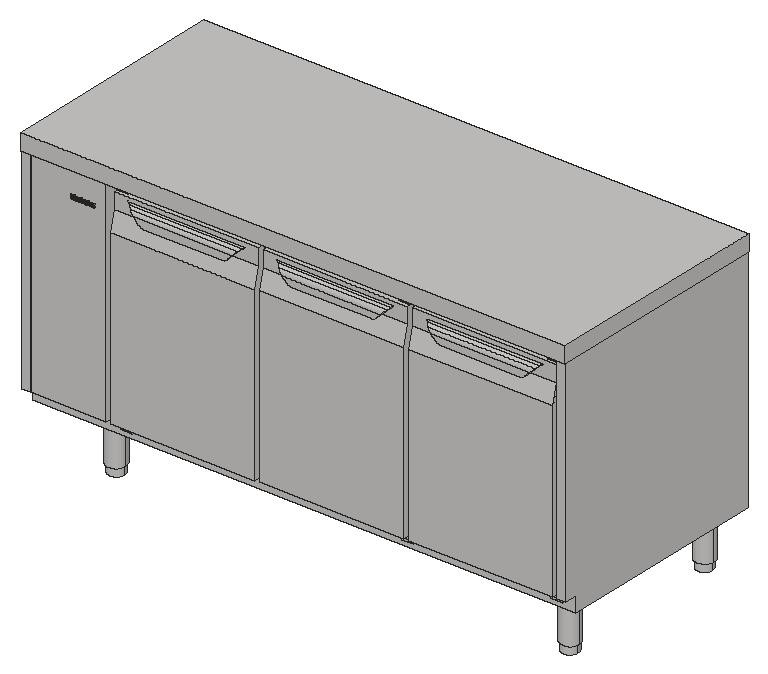
Revit family "QF_ELECTROLUXPROFESSIONAL_710298_EH3MRAAA", category Specialty Equipment, Revit 2018
Family settings
  Round Connector Dimension = Use Diameter
  Part Type = Normal
  Work Plane-Based = No
  Always vertical = Yes
  Cut with Voids When Loaded = No
  Shared = No
  Room Calculation Point = No
Parameters
  Weight = 0.00 kg
  Watts = 0 W
  Volts = 220 V
  URL Manufacturer = "http://professional.electrolux.com/"
  URL = "http://professional.electrolux.com/"
  Steam Supply Size = 0 mm
  Steam Supply Minimum Pressure = 0.0 Pa
  Steam Supply Maximum Pressure = 0.0 Pa
  Steam Pounds per Hour = 0
  Show Logo [instance] = yes
  Show Clearance [instance] = yes
  Refrigeration Suction Line Size = 0 mm
  Refrigeration Liquid Line Size = 0 mm
  Refrigerant Compressor Remote = yes
  Manufacturer = "Electrolux"
  Phase = 1
  Model = "EH3FRAAA"
  Length Actual = 1661 mm  # constant formula
  Item Number = "710101"
  Hot Water Size = 0 mm
  Height Actual = 900 mm  # constant formula
  HP = "0.1 HP"
  Gas Size = 0 mm
  Gas KW = 0
  Gas Input Pressure = 0 W
  Direct Waste Size = 0 mm
  Description = "FREEZER COUNTER 440 LT,3 DOORS,REMOTE"
  Depth Actual = 700 mm  # constant formula
  Cycle = 0 Hz
  Condensate Return Size = 0 mm
  Compressed Air Volume = 0.0 L/s
  Compressed Air Size = 0 mm
  Compressed Air Pressure = 0.0 Pa
  Cold Water Size = 0 mm
  Accessory = yes
Reference planes
  plane 1 "Center X": y = 182.5
  plane 2: z = 0
  plane 3 "Center Y": x = 169.5
  plane 4: y = -62.5
  plane 5: y = 451.5
  plane 6 "BACK": y = 532.5
  plane 7 "FRONT": y = -167.5
  plane 8: x = -452
  plane 9: x = 932
  plane 10: z = 150
  plane 11 "TOP": z = 900
  plane 12: z = 850
  plane 13: x = -659
  plane 14: x = 998
  plane 15 "LEFT": x = -661
  plane 16 "RIGHT": x = 1000
Forms (mm)
  Extrusion 1, solid, material "QF_Finishes_Stainless Steel"
    sketch origin (169.5, 2, 0) x (0, 1, 0) y (0, 0, 1)
      loop
        line (530.5, 150) -> (530.5, 850) -> (-124.5, 850) -> (-124.5, 150) -> (530.5, 150)
    from -828.5 to 828.5
  Extrusion 2, solid, material "QF_Finishes_Stainless Steel"
    sketch origin (-1022.223, -1524, 150) x (-1, 0, 0) y (0, -1, 0)
      loop
        line (-363.223, -1361.5) -> (-388.223, -1361.5) -> (-388.223, -1401.5) -> (-363.223, -1401.5) -> (-363.223, -1361.5)
      loop
        line (-2020.223, -1401.5) -> (-1995.223, -1401.5) -> (-1995.223, -1361.5) -> (-2020.223, -1361.5) -> (-2020.223, -1401.5)
    from 47 to 700
  Extrusion 3, solid, material "QF_Finishes_Stainless Steel"
    sketch origin (0, 0, 900) x (-1, 0, 0) y (0, -1, 0)
      loop
        circle (-284, -94.5) r 8.45
    from -790.577 to -750
  Extrusion 4, solid, material "QF_Finishes_Stainless Steel"
    sketch origin (0, 0, 0) x (1, 0, 0) y (0, 1, 0)
      loop
        circle (-594, 207.5) r 8.45
    from 127.77 to 150
  Extrusion 5, solid, material "QF_Finishes_Stainless Steel"
    sketch origin (0, 0, 0) x (1, 0, 0) y (0, 1, 0)
      loop
        circle (-578, 162.5) r 4.75
    from 347 to 367
  Extrusion 6, solid, material "QF_Finishes_Stainless Steel"
    sketch origin (0, 0, 0) x (1, 0, 0) y (0, 1, 0)
      loop
        circle (-531, 4.5) r 4
    from 709 to 729
  Extrusion 7, solid, material "QF_Finishes_Stainless Steel"
    sketch origin (0, 0, 0) x (1, 0, 0) y (0, 1, 0)
      loop
        circle (-553, 159.5) r 4
    from 397 to 417
  Extrusion 8, solid, material "QF_Finishes_Stainless Steel"
    sketch origin (169.5, 0, 0) x (0, 1, 0) y (0, 0, 1)
      loop
        line (-167.5, 900) -> (-167.5, 850) -> (532.5, 850) -> (532.5, 900) -> (-167.5, 900)
    from -830.5 to 830.5
Cuts and joins
  joined: Extrusion 1, Extrusion 2
Lines and regions (mm)
  symbolic lines, style "SpecialityEquipmentHiddenLines"
    curve 1: line (-661, -122.5, 900) -> (1000, -122.5, 900)
    curve 2: line (-396, -167.5, 900) -> (-396, -122.5, 900)
  symbolic lines, style "SpecialityEquipment"
    curve 3: line (-661, 532.5, 900) -> (1000, 532.5, 900)
    curve 4: line (-661, 532.5, 900) -> (-661, -167.5, 900)
    curve 5: line (-661, -167.5, 900) -> (1000, -167.5, 900)
    curve 6: line (1000, -167.5, 900) -> (1000, 532.5, 900)
Dimensions and locks
  locked: plane 6 "BACK" to plane 7 "FRONT" at 700
  equal spacing: plane 6 "BACK", plane 1 "Center X", plane 7 "FRONT"
  locked: plane 6 "BACK" to plane 5 at 81
  plane 10 to level = 150 mm
  plane 11 "TOP" to plane 12 to plane 10 = 50 mm locked, 700 mm locked
  locked: Extrusion 2 sketch curve to Extrusion 2 sketch curve at 25  (x2)
  locked: plane 4 to plane 7 "FRONT" at 105
  locked: plane 6 "BACK" to Extrusion 3 sketch curve at 438
  equal spacing: plane 13, plane 3 "Center Y", plane 14
  plane 15 "LEFT" to plane 16 "RIGHT" = 1661 mm
  locked: plane 13 to plane 8 at 207
  locked: plane 9 to plane 14 at 66
  locked: Extrusion 3 sketch curve to plane 14 at 714
  plane 6 "BACK" to Extrusion 4 sketch curve = 325 mm
  locked: plane 13 to Extrusion 4 sketch curve at 65
  locked: plane 13 to Extrusion 7 sketch curve at 106
  locked: plane 6 "BACK" to Extrusion 7 sketch curve at 373
  locked: plane 6 "BACK" to Extrusion 5 sketch curve at 370
  locked: plane 13 to Extrusion 5 sketch curve at 81
  plane 13 to Extrusion 6 sketch curve = 128 mm
  plane 6 "BACK" to Extrusion 6 sketch curve = 528 mm
  locked: plane 10 to Extrusion 4 at 22.23
  cut or joined group of Extrusion 1, Extrusion 2 to Extrusion 5 to Extrusion 5 to Extrusion 7 to Extrusion 7 to Extrusion 6 to Extrusion 6 = 197 mm locked, 20 mm locked, 30 mm locked, 20 mm locked, 292 mm locked, 20 mm locked
  aligned and locked: level to plane 2
  aligned and locked: plane 10 to Extrusion 3
  aligned and locked: nested 4 to plane 4
  aligned and locked: nested 1 to plane 4
  aligned and locked: nested 3 to plane 5
  aligned and locked: nested 2 to plane 5
  aligned and locked: plane 8 to nested 1
  aligned and locked: plane 8 to nested 2
  aligned and locked: plane 9 to nested 4
  aligned and locked: plane 9 to nested 3
  aligned and locked: Extrusion 1 to Extrusion 2
  aligned and locked: Extrusion 2 to Extrusion 1
  aligned and locked: Extrusion 2 sketch curve to plane 14
  aligned and locked: plane 13 to Extrusion 2 sketch curve
  aligned and locked: plane 12 to nested 5
  aligned and locked: nested 7 to plane 12
  aligned and locked: cut or joined group of Extrusion 1, Extrusion 2 to plane 10
  aligned and locked: plane 12 to cut or joined group of Extrusion 1, Extrusion 2
  aligned and locked: plane 10 to Extrusion 4
  aligned and locked: plane 16 "RIGHT" to curve 6
  aligned and locked: Extrusion 8 sketch curve to plane 11 "TOP"
  aligned and locked: plane 7 "FRONT" to Extrusion 8 sketch curve
  aligned and locked: Extrusion 8 sketch curve to cut or joined group of Extrusion 1, Extrusion 2  (x2)
  aligned and locked: Extrusion 8 to curve 3
  aligned and locked: plane 16 "RIGHT" to Extrusion 8
Automatic sketch dimensions
  Extrusion 1 sketch curve to plane 10 = 0 mm
  Extrusion 1 sketch curve to plane 12 = 0 mm
  Extrusion 1 sketch curve to plane 6 "BACK" = 0 mm
  plane 7 "FRONT" to Extrusion 1 sketch curve = 45 mm
  plane 7 "FRONT" to Extrusion 2 sketch curve = 45 mm  (x2)
  plane 7 "FRONT" to Extrusion 2 sketch curve = 5 mm  (x2)
  curve 6 to plane 6 "BACK" = 0 mm
  curve 2 to plane 7 "FRONT" = 0 mm
  plane 8 to curve 2 = 56 mm
  curve 1 to curve 4 = 45 mm
  radius of Extrusion 3 sketch curve = 8.45 mm
  radius of Extrusion 4 sketch curve = 8.45 mm
  radius of Extrusion 5 sketch curve = 4.75 mm
  radius of Extrusion 6 sketch curve = 4 mm
  radius of Extrusion 7 sketch curve = 4 mm
Nested families
  nested 1: "Foot_Ø50_H150" at (-452, -62.5, 0), type "Foot_Ø50_H150"
  nested 2: "Foot_Ø50_H150" at (-452, 451.5, 0), type "Foot_Ø50_H150"
  nested 3: "Foot_Ø50_H150" at (932, 451.5, 0), type "Foot_Ø50_H150"
  nested 4: "Foot_Ø50_H150" at (932, -62.5, 0), type "Foot_Ø50_H150"
  nested 5: "ELX_Cooling Unit_Remote" at (-518.5, -164.5, 0), Show Logo <- "Show Logo", type "ELX_Cooling Unit_Remote"
  nested 6: "ELX_Door" at (285, -164.5, 0), Show Clearance <- "Show Clearance", type "ELX_Door"
  nested 7: "ELX_Door" at (-169, -164.5, 0) x (-1, 0, 0) z (0, 0, 1), Show Clearance <- "Show Clearance", type "ELX_Door"
  nested 8: "Freezer" at (998, -167.5, 900), type "Freezer"
  nested 9: "ELX_Door" at (739, -164.5, 0), Show Clearance <- "Show Clearance", type "ELX_Door"
Connectors
  piping at (-594, 207.5, 127.77), diameter 17
    settings: on Extrusion 4, index 1, connector inside diameter 609.6 mm, connector length 0 mm, flow factor 0, pipe flow 0.0 L/s, pressure drop 0.0 Pa, fitting loss kfactor 0, connector angle 0.00°, fixture units 0, engagement length 0 mm, angle of deflection 0.00°, flow configuration 1, flow direction 2, fitting loss method 0, system type 16, joint type 0, gender type 0, connector reference index -1, connector utility 0, adjustable connector no, is connector primary yes, connector description "Drain"
  piping at (-578, 162.5, 347), diameter 2895.6
    settings: on Extrusion 5, index 2, connector inside diameter 609.6 mm, connector length 0 mm, flow factor 0, pipe flow 0.0 L/s, pressure drop 0.0 Pa, fitting loss kfactor 0, connector angle 0.00°, fixture units 0, engagement length 0 mm, angle of deflection 0.00°, flow configuration 1, flow direction 2, fitting loss method 0, system type 8, joint type 0, gender type 0, connector reference index -1, connector utility 0, adjustable connector no, is connector primary no, connector description "Refrigerant Outlet"
  piping at (-553, 159.5, 397), diameter 2438.4
    settings: on Extrusion 7, index 3, connector inside diameter 609.6 mm, connector length 0 mm, flow factor 0, pipe flow 0.0 L/s, pressure drop 0.0 Pa, fitting loss kfactor 0, connector angle 0.00°, fixture units 0, engagement length 0 mm, angle of deflection 0.00°, flow configuration 1, flow direction 1, fitting loss method 0, system type 7, joint type 0, gender type 0, connector reference index -1, connector utility 0, adjustable connector no, is connector primary no, connector description "Refrigerant Inlet"
  electrical at (-531, 4.5, 709)
    settings: on Extrusion 6, index 4, voltage 0 V, apparent load 0 VA, apparent load phase1 0 VA, apparent load phase2 0 VA, apparent load phase3 0 VA, power factor 1, load classification "Altro", number of poles 1, system type 30, power factor state 1, is connector primary yes, connector utility no, sub classification motor no, connector description "Electrical Connection"
  piping at (284, 94.5, 109.423), diameter 17
    settings: on Extrusion 3, index 5, connector inside diameter 609.6 mm, connector length 0 mm, flow factor 0, pipe flow 0.0 L/s, pressure drop 0.0 Pa, fitting loss kfactor 0, connector angle 0.00°, fixture units 0, engagement length 0 mm, angle of deflection 0.00°, flow configuration 1, flow direction 2, fitting loss method 0, system type 16, joint type 0, gender type 0, connector reference index -1, connector utility 0, adjustable connector no, is connector primary no, connector description "Drain"
Definition of nested family "Foot_Ø50_H150"
  Reference planes
    plane 1 "Centro (Fronte/Retro)": y = 0
    plane 2: z = 0
    plane 3 "Centro (Sinistra/Destra)": x = 0
    plane 4: z = 150
  Forms (mm)
    Revolve 1, solid
      sketch origin (255.05, 0, 608.09) x (0, 0, 1) y (-1, 0, 0)
        loop
          line (-608.09, 255.05) -> (-608.09, 230.05) -> (-583.09, 230.05) -> (-583.09, 226.05) -> (-458.09, 226.05) -> (-458.09, 255.05) -> (-608.09, 255.05)
        axis (-608.09, 255.05) -> (-458.09, 255.05)
      angle from 0 to 360
  Dimensions and locks
    locked: Revolve 1 sketch curve to Revolve 1 sketch curve at 125
    aligned and locked: level to plane 2
    aligned and locked: plane 4 to Revolve 1 sketch curve
    aligned and locked: Revolve 1 sketch curve to level
    aligned and locked: plane 3 "Centro (Sinistra/Destra)" to Revolve 1 sketch curve
Definition of nested family "ELX_Cooling Unit_Remote"
  Parameters
    Show Logo [instance] = yes
  Reference planes
    plane 1 "FRONT": y = -3
    plane 2: z = 0
    plane 3 "Centro (Sinistra/Destra)": x = 0
    plane 4: z = 150
    plane 5: z = 850
    plane 6: x = -115.5
    plane 7: x = 115.5
  Forms (mm)
    Extrusion 1, solid
      sketch origin (0, 55, 511) x (0, 0, 1) y (0, -1, 0)
        loop
          line (-314, 53) -> (-314, 13) -> (339, 13) -> (339, 53) -> (-314, 53)
      from -115.5 to 115.5
  Lines and regions (mm)
    Split face 1
      outline origin (0, 2, 197) x (0, 0, 1) y (-1, 0, 0)
        loop
          line (622.361, 88.738) -> (620.361, 90.738) -> (551.361, 90.738) -> (549.361, 88.738) -> (549.361, -88.738) -> (551.361, -90.738) -> (620.361, -90.738) -> (622.361, -88.738) -> (622.361, 88.738)
    Split face 2
      outline origin (0, 2, 197) x (0, 0, 1) y (-1, 0, 0)
        loop
          line (601.861, 71.967) -> (561.861, 71.967) -> (561.861, 6.967) -> (601.861, 6.967) -> (601.861, 71.967)
    Split face 3
      outline origin (0, 2, 197) x (0, 0, 1) y (-1, 0, 0)
        loop
          line (611.961, -90.738) -> (611.961, -8.712) -> (617.061, 0.121) -> (617.061, 90.738)
  Dimensions and locks
    aligned and locked: level to plane 2
  Nested families
    nested 1: "ELX_Logo_S_New" at (45.369, 2, 777.661) x (1, 0, 0) z (0, -1, 0), type "ELX_Logo_S_New"
  Definition of nested family "ELX_Logo_S_New"
    Parameters
      Default Elevation = 0 mm
    Reference planes
      plane 1 "Centro (Fronte/Retro)": y = 0
      plane 2: z = 0
      plane 3 "Centro (Sinistra/Destra)": x = 0
    Forms (mm)
      Extrusion 1, solid
        sketch origin (0, 0, 0) x (1, 0, 0) y (0, 1, 0)
          loop
            line (-1219.2, 1219.2) -> (-1219.2, -1219.2) -> (1219.2, -1219.2) -> (1219.2, 1219.2) -> (-1219.2, 1219.2)
        from 0 to -304.8
      Extrusion 2, solid
        sketch origin (0, 0, 0) x (1, 0, 0) y (0, 1, 0)
          loop
            spline (-32.537, -4.135) -> (-32.702, -4.128) -> (-32.877, -4.105) -> (-33.059, -4.064) -> (-33.242, -4.002) -> (-33.422, -3.916) -> (-33.593, -3.803) -> (-33.751, -3.66) -> (-33.891, -3.486) -> (-34.008, -3.276) -> (-34.098, -3.029) -> (-34.155, -2.741) -> (-34.176, -2.41)
            line (-34.176, -2.41) -> (-34.176, -0.943) -> (-29.331, -0.943) -> (-29.331, 0.928) -> (-34.176, 0.928) -> (-34.176, 3.652) -> (-29.023, 3.652) -> (-29.023, 5.518) -> (-36.159, 5.518) -> (-36.159, -2.326)
            spline (-36.159, -2.326) -> (-36.142, -2.808) -> (-36.088, -3.263) -> (-35.996, -3.688) -> (-35.867, -4.083) -> (-35.698, -4.445) -> (-35.489, -4.773) -> (-35.239, -5.066) -> (-34.946, -5.322) -> (-34.61, -5.539) -> (-34.23, -5.716) -> (-33.804, -5.851) -> (-33.332, -5.943)
            line (-33.332, -5.943) -> (-32.554, -5.999) -> (-28.885, -5.999) -> (-28.885, -4.135) -> (-32.537, -4.135)
          loop
            line (-27.476, 0.076) -> (-27.476, -6.002) -> (-25.492, -6.002) -> (-25.492, 5.521) -> (-27.476, 5.521) -> (-27.476, 0.076)
          loop
            spline (-15.702, -2.321) -> (-15.689, -1.697) -> (-15.749, -1.094) -> (-15.879, -0.516) -> (-16.078, 0.029) -> (-16.341, 0.538) -> (-16.668, 1.004) -> (-17.055, 1.422) -> (-17.5, 1.786) -> (-17.999, 2.091) -> (-18.552, 2.331) -> (-19.154, 2.5) -> (-19.804, 2.594)
            spline (-19.804, 2.594) -> (-20.422, 2.558) -> (-21.009, 2.453) -> (-21.56, 2.28) -> (-22.072, 2.042) -> (-22.54, 1.743) -> (-22.96, 1.385) -> (-23.327, 0.97) -> (-23.638, 0.502) -> (-23.887, -0.018) -> (-24.07, -0.586) -> (-24.183, -1.2) -> (-24.222, -1.857)
            spline (-24.222, -1.857) -> (-24.184, -2.498) -> (-24.074, -3.097) -> (-23.895, -3.652) -> (-23.651, -4.16) -> (-23.344, -4.618) -> (-22.979, -5.023) -> (-22.559, -5.374) -> (-22.087, -5.667) -> (-21.567, -5.899) -> (-21.003, -6.068) -> (-20.397, -6.172) -> (-19.754, -6.207)
            spline (-19.754, -6.207) -> (-19.44, -6.2) -> (-19.13, -6.176) -> (-18.823, -6.135) -> (-18.52, -6.074) -> (-18.221, -5.993) -> (-17.925, -5.89) -> (-17.634, -5.762) -> (-17.346, -5.609) -> (-17.062, -5.43) -> (-16.782, -5.221) -> (-16.506, -4.983) -> (-16.234, -4.713)
            line (-16.234, -4.713) -> (-17.429, -3.55)
            spline (-17.429, -3.55) -> (-17.587, -3.702) -> (-17.745, -3.841) -> (-17.906, -3.967) -> (-18.07, -4.08) -> (-18.239, -4.181) -> (-18.415, -4.268) -> (-18.599, -4.343) -> (-18.792, -4.404) -> (-18.996, -4.452) -> (-19.213, -4.486) -> (-19.443, -4.506) -> (-19.688, -4.513)
            spline (-19.688, -4.513) -> (-20.047, -4.496) -> (-20.383, -4.443) -> (-20.696, -4.358) -> (-20.984, -4.24) -> (-21.246, -4.092) -> (-21.479, -3.915) -> (-21.683, -3.711) -> (-21.856, -3.48) -> (-21.997, -3.224) -> (-22.104, -2.945) -> (-22.176, -2.643) -> (-22.212, -2.321)
            line (-22.212, -2.321) -> (-15.702, -2.321)
          loop
            spline (-17.695, -0.926) -> (-17.714, -0.681) -> (-17.771, -0.445) -> (-17.861, -0.221) -> (-17.984, -0.01) -> (-18.135, 0.184) -> (-18.314, 0.36) -> (-18.516, 0.516) -> (-18.741, 0.648) -> (-18.984, 0.755) -> (-19.244, 0.834) -> (-19.518, 0.883) -> (-19.804, 0.9)
            spline (-19.804, 0.9) -> (-20.11, 0.884) -> (-20.405, 0.835) -> (-20.686, 0.757) -> (-20.95, 0.652) -> (-21.195, 0.521) -> (-21.419, 0.367) -> (-21.618, 0.192) -> (-21.79, -0.003) -> (-21.934, -0.214) -> (-22.045, -0.439) -> (-22.122, -0.678) -> (-22.162, -0.926)
            line (-22.162, -0.926) -> (-17.695, -0.926)
          loop
            spline (-12.669, -1.807) -> (-12.646, -1.438) -> (-12.58, -1.088) -> (-12.472, -0.759) -> (-12.326, -0.455) -> (-12.145, -0.177) -> (-11.93, 0.072) -> (-11.685, 0.289) -> (-11.412, 0.473) -> (-11.114, 0.62) -> (-10.793, 0.728) -> (-10.453, 0.794) -> (-10.095, 0.817)
            spline (-10.095, 0.817) -> (-9.876, 0.81) -> (-9.665, 0.79) -> (-9.464, 0.756) -> (-9.271, 0.709) -> (-9.086, 0.65) -> (-8.908, 0.578) -> (-8.737, 0.495) -> (-8.572, 0.399) -> (-8.414, 0.292) -> (-8.261, 0.173) -> (-8.113, 0.044) -> (-7.969, -0.096)
            line (-7.969, -0.096) -> (-6.741, 1.183)
            spline (-6.741, 1.183) -> (-6.985, 1.427) -> (-7.237, 1.647) -> (-7.496, 1.843) -> (-7.762, 2.015) -> (-8.034, 2.164) -> (-8.312, 2.291) -> (-8.596, 2.397) -> (-8.886, 2.482) -> (-9.181, 2.546) -> (-9.481, 2.592) -> (-9.786, 2.619) -> (-10.095, 2.627)
            spline (-10.095, 2.627) -> (-10.715, 2.589) -> (-11.308, 2.476) -> (-11.871, 2.294) -> (-12.396, 2.046) -> (-12.88, 1.736) -> (-13.316, 1.369) -> (-13.7, 0.949) -> (-14.026, 0.48) -> (-14.289, -0.035) -> (-14.483, -0.59) -> (-14.604, -1.182) -> (-14.645, -1.807)
            spline (-14.645, -1.807) -> (-14.604, -2.431) -> (-14.483, -3.023) -> (-14.289, -3.578) -> (-14.026, -4.093) -> (-13.7, -4.562) -> (-13.316, -4.983) -> (-12.88, -5.35) -> (-12.396, -5.659) -> (-11.871, -5.907) -> (-11.308, -6.09) -> (-10.715, -6.202) -> (-10.095, -6.24)
            spline (-10.095, -6.24) -> (-9.786, -6.232) -> (-9.481, -6.205) -> (-9.181, -6.16) -> (-8.886, -6.095) -> (-8.596, -6.01) -> (-8.312, -5.904) -> (-8.034, -5.777) -> (-7.762, -5.628) -> (-7.496, -5.456) -> (-7.237, -5.26) -> (-6.985, -5.04) -> (-6.741, -4.796)
            line (-6.741, -4.796) -> (-7.969, -3.517)
            spline (-7.969, -3.517) -> (-8.113, -3.657) -> (-8.261, -3.786) -> (-8.414, -3.905) -> (-8.572, -4.012) -> (-8.737, -4.108) -> (-8.908, -4.192) -> (-9.086, -4.263) -> (-9.271, -4.323) -> (-9.464, -4.369) -> (-9.665, -4.403) -> (-9.876, -4.423) -> (-10.095, -4.43)
            spline (-10.095, -4.43) -> (-10.453, -4.408) -> (-10.793, -4.341) -> (-11.114, -4.233) -> (-11.412, -4.086) -> (-11.685, -3.902) -> (-11.93, -3.685) -> (-12.145, -3.436) -> (-12.326, -3.158) -> (-12.472, -2.854) -> (-12.58, -2.526) -> (-12.646, -2.176) -> (-12.669, -1.807)
          loop
            spline (-1.683, -4.138) -> (-1.858, -4.14) -> (-2.045, -4.127) -> (-2.24, -4.095) -> (-2.438, -4.04) -> (-2.633, -3.959) -> (-2.822, -3.85) -> (-2.998, -3.709) -> (-3.157, -3.533) -> (-3.294, -3.318) -> (-3.404, -3.061) -> (-3.483, -2.76) -> (-3.524, -2.411)
            line (-3.524, -2.411) -> (-3.524, 0.529) -> (-1.72, 0.529) -> (-1.72, 2.331) -> (-3.522, 2.331) -> (-3.522, 5.521) -> (-5.506, 5.521) -> (-5.506, -2.523)
            spline (-5.506, -2.523) -> (-5.463, -2.99) -> (-5.386, -3.429) -> (-5.274, -3.839) -> (-5.126, -4.218) -> (-4.941, -4.564) -> (-4.717, -4.877) -> (-4.455, -5.155) -> (-4.153, -5.396) -> (-3.81, -5.599) -> (-3.425, -5.762) -> (-2.998, -5.884) -> (-2.528, -5.964)
            line (-2.528, -5.964) -> (-1.69, -6.002) -> (-1.683, -4.138)
          loop
            spline (4.991, 2.446) -> (4.648, 2.468) -> (4.318, 2.461) -> (4.001, 2.429) -> (3.699, 2.371) -> (3.413, 2.288) -> (3.142, 2.182) -> (2.89, 2.052) -> (2.655, 1.901) -> (2.439, 1.728) -> (2.244, 1.535) -> (2.069, 1.322) -> (1.917, 1.091)
            line (1.917, 1.091) -> (1.917, 2.33) -> (-0.051, 2.33) -> (-0.051, -6.002) -> (1.917, -6.002) -> (1.917, -1.621)
            spline (1.917, -1.621) -> (1.935, -1.288) -> (1.988, -0.979) -> (2.075, -0.693) -> (2.195, -0.432) -> (2.345, -0.197) -> (2.526, 0.01) -> (2.736, 0.189) -> (2.972, 0.338) -> (3.235, 0.456) -> (3.522, 0.541) -> (3.832, 0.594) -> (4.165, 0.611)
            line (4.165, 0.611) -> (4.991, 0.529) -> (4.991, 2.446)
          loop
            spline (14.388, -1.836) -> (14.347, -1.224) -> (14.226, -0.642) -> (14.031, -0.093) -> (13.768, 0.418) -> (13.441, 0.887) -> (13.057, 1.308) -> (12.621, 1.677) -> (12.137, 1.989) -> (11.612, 2.24) -> (11.051, 2.425) -> (10.459, 2.539) -> (9.842, 2.578)
            spline (9.842, 2.578) -> (9.221, 2.539) -> (8.627, 2.425) -> (8.064, 2.24) -> (7.539, 1.989) -> (7.056, 1.677) -> (6.62, 1.308) -> (6.237, 0.887) -> (5.912, 0.418) -> (5.65, -0.093) -> (5.456, -0.642) -> (5.336, -1.224) -> (5.295, -1.836)
            spline (5.295, -1.836) -> (5.336, -2.447) -> (5.456, -3.029) -> (5.65, -3.578) -> (5.912, -4.089) -> (6.237, -4.558) -> (6.62, -4.979) -> (7.056, -5.348) -> (7.539, -5.66) -> (8.064, -5.911) -> (8.627, -6.096) -> (9.221, -6.211) -> (9.842, -6.25)
            spline (9.842, -6.25) -> (10.459, -6.211) -> (11.051, -6.096) -> (11.612, -5.911) -> (12.137, -5.66) -> (12.621, -5.348) -> (13.057, -4.979) -> (13.441, -4.558) -> (13.768, -4.089) -> (14.031, -3.578) -> (14.226, -3.029) -> (14.347, -2.447) -> (14.388, -1.836)
          loop
            spline (12.42, -1.836) -> (12.397, -1.475) -> (12.33, -1.131) -> (12.222, -0.807) -> (12.075, -0.504) -> (11.893, -0.227) -> (11.677, 0.022) -> (11.431, 0.241) -> (11.157, 0.426) -> (10.859, 0.575) -> (10.538, 0.685) -> (10.198, 0.753) -> (9.842, 0.777)
            spline (9.842, 0.777) -> (9.482, 0.753) -> (9.14, 0.685) -> (8.818, 0.575) -> (8.519, 0.426) -> (8.246, 0.241) -> (8.001, 0.022) -> (7.786, -0.227) -> (7.605, -0.504) -> (7.459, -0.807) -> (7.352, -1.131) -> (7.286, -1.475) -> (7.263, -1.836)
            spline (7.263, -1.836) -> (7.286, -2.196) -> (7.352, -2.54) -> (7.459, -2.865) -> (7.605, -3.167) -> (7.786, -3.444) -> (8.001, -3.694) -> (8.246, -3.912) -> (8.519, -4.098) -> (8.818, -4.247) -> (9.14, -4.357) -> (9.482, -4.425) -> (9.842, -4.448)
            spline (9.842, -4.448) -> (10.198, -4.425) -> (10.538, -4.357) -> (10.859, -4.247) -> (11.157, -4.098) -> (11.431, -3.912) -> (11.677, -3.694) -> (11.893, -3.444) -> (12.075, -3.167) -> (12.222, -2.865) -> (12.33, -2.54) -> (12.397, -2.196) -> (12.42, -1.836)
          loop
            line (15.608, 0.275) -> (15.608, -6.002) -> (17.593, -6.002) -> (17.593, 5.521) -> (15.608, 5.521) -> (15.608, 0.275)
          loop
            line (24.747, 2.33) -> (24.747, -2.513)
            spline (24.747, -2.513) -> (24.731, -2.828) -> (24.685, -3.112) -> (24.61, -3.366) -> (24.507, -3.59) -> (24.38, -3.785) -> (24.229, -3.952) -> (24.056, -4.091) -> (23.863, -4.203) -> (23.652, -4.29) -> (23.425, -4.35) -> (23.183, -4.386) -> (22.928, -4.398)
            spline (22.928, -4.398) -> (22.674, -4.386) -> (22.432, -4.35) -> (22.205, -4.29) -> (21.994, -4.204) -> (21.802, -4.092) -> (21.629, -3.954) -> (21.478, -3.788) -> (21.35, -3.595) -> (21.248, -3.373) -> (21.173, -3.122) -> (21.126, -2.841) -> (21.11, -2.53)
            line (21.11, -2.53) -> (21.11, 2.33) -> (19.11, 2.33) -> (19.11, -2.696)
            spline (19.11, -2.696) -> (19.145, -3.265) -> (19.248, -3.783) -> (19.413, -4.25) -> (19.636, -4.667) -> (19.912, -5.033) -> (20.236, -5.349) -> (20.603, -5.616) -> (21.008, -5.833) -> (21.446, -6.001) -> (21.913, -6.121) -> (22.403, -6.193) -> (22.912, -6.217)
            spline (22.912, -6.217) -> (23.425, -6.193) -> (23.92, -6.12) -> (24.39, -5.998) -> (24.832, -5.828) -> (25.241, -5.607) -> (25.611, -5.337) -> (25.937, -5.016) -> (26.216, -4.645) -> (26.441, -4.222) -> (26.608, -3.749) -> (26.711, -3.223) -> (26.747, -2.646)
            line (26.747, -2.646) -> (26.747, 2.33) -> (24.747, 2.33)
          loop
            line (34.253, -3.337) -> (33.002, -1.588) -> (34.551, 0.523) -> (35.878, 2.33) -> (33.713, 2.33) -> (31.91, -0.166) -> (30.092, 2.33) -> (27.943, 2.33) -> (29.175, 0.645) -> (30.82, -1.604) -> (29.096, -4.004) -> (27.662, -6.002) -> (29.794, -6.002) -> (31.91, -3.059) -> (34.027, -6.002) -> (36.159, -6.002) -> (34.253, -3.337)
        from 0 to 1.644
    Dimensions and locks
      aligned and locked: plane 2 to Extrusion 1
      aligned and locked: level to Extrusion 1
Definition of nested family "ELX_Door"
  Parameters
    Show Clearance [instance] = yes
  Reference planes
    plane 1 "FRONT": y = -3
    plane 2: z = 0
    plane 3 "Centro (Sinistra/Destra)": x = 0
    plane 4: z = 150
    plane 5: z = 850
    plane 6: x = -234
    plane 7: x = 234
    plane 8: x = -220
    plane 9: x = 220
  Forms (mm)
    Extrusion 1, solid
      sketch origin (0, 53, 511) x (0, 0, 1) y (0, -1, 0)
        loop
          line (-323.003, 28.5) -> (-316.501, 28.5) -> (-316.501, 31) -> (-325.503, 31) -> (-325.503, 13.5) -> (-345.503, 13.5) -> (-345.503, 11) -> (-323.003, 11) -> (-323.003, 23.259) -> (-323.003, 28.5)
        loop
          line (-314, 27) -> (-316.501, 27) -> (-316.501, 18.501) -> (-319.752, 18.501) -> (-319.752, 16) -> (-314, 16) -> (-314, 27)
        loop
          line (315.003, 27) -> (315.003, 13.948) -> (315.003, 11) -> (327.503, 11) -> (327.503, 13.5) -> (317.503, 13.5) -> (317.503, 27) -> (315.003, 27)
      from 185 to 220
    Extrusion 2, solid, visible <- "Show Clearance", detail levels coarse
      sketch origin (0, 53, 511) x (0, -1, 0) y (1, 0, 0)
        loop
          line (51, 220) -> (51, -220)
          arc (51, -220) -> (339.234, -79.44) -> (454, 220) r 437.168
          line (454, 220) -> (51, 220)
      from -314 to 314
    Extrusion 3, solid
      sketch origin (0, 55, 511) x (0, 0, 1) y (0, -1, 0)
        loop
          line (-314, 53) -> (-314, 18) -> (314, 18) -> (314, 37.596) -> (265.325, 37.596) -> (207.835, 53) -> (-314, 53)
      from -220 to 220
    Extrusion 4, solid
      sketch origin (0, 55, 511) x (0, 0, 1) y (0, -1, 0)
        loop
          line (252.967, 53) -> (252.967, 51) -> (274.59, 51)
          arc (274.59, 51) -> (281.189, 49.747) -> (286.869, 46.162) r 18
          arc (286.869, 46.162) -> (290.566, 42.591) -> (294.137, 38.894) r 148.064
          arc (294.137, 38.894) -> (296.293, 37.129) -> (298.841, 36) r 10.406
          line (298.841, 36) -> (302.14, 36) -> (302.14, 37.596)
          arc (302.14, 37.596) -> (298.576, 38.207) -> (295.599, 40.258) r 8.406
          arc (295.599, 40.258) -> (291.98, 44.005) -> (288.233, 47.624) r 150.064
          arc (288.233, 47.624) -> (281.922, 51.608) -> (274.59, 53) r 20
          line (274.59, 53) -> (252.967, 53)
      from -185 to 185
    Extrusion 5, void
      sketch origin (0, 55, 511) x (1, 0, 0) y (0, 0, 1)
        loop
          line (-204, 242.612) -> (-118.742, 242.612) -> (-118.742, 252.967)
          arc (-118.742, 252.967) -> (-128.309, 254.87) -> (-136.42, 260.289) r 25
          line (-136.42, 260.289) -> (-172.857, 296.727)
          arc (-172.857, 296.727) -> (-179.346, 301.062) -> (-187, 302.585) r 20
          line (-187, 302.585) -> (-204, 302.585) -> (-204, 242.612)
        loop
          line (204, 242.612) -> (204, 302.585) -> (187, 302.585)
          arc (187, 302.585) -> (179.346, 301.062) -> (172.857, 296.727) r 20
          line (172.857, 296.727) -> (136.42, 260.289)
          arc (136.42, 260.289) -> (128.309, 254.87) -> (118.742, 252.967) r 25
          line (118.742, 252.967) -> (118.742, 242.612) -> (204, 242.612)
      from 37.596 to 53
  Cuts and joins
    Extrusion 5 cuts Extrusion 2
    Extrusion 5 cuts Extrusion 4
    joined: Extrusion 3, Extrusion 4
  Lines and regions (mm)
    symbolic lines
      curve 1: line (220, -3, 0) -> (220, -401, 0)
      curve 2: line (220, -401, 0) -> (185, -401, 0)
      curve 3: line (185, -401, 0) -> (185, -3, 0)
      curve 4: arc (-219.722, -3, 0) -> (-89.51, -275.368, 0) -> (185, -401, 0) r 442.855
  Dimensions and locks
    aligned and locked: level to plane 2
Definition of nested family "Freezer"
  Reference planes
    plane 1 "Center (Front/Back)": y = 0
    plane 2: z = 0
    plane 3 "Center (Left/Right)": x = 0
  Lines and regions (mm)
    detail lines, in view "Ref. Level"
      curve 1: spline (-500, 190, 0) -> (-493.185, 166.706, 0) -> (-473.205, 145, 0) -> (-441.421, 126.36, 0) -> (-400, 112.058, 0) -> (-351.764, 103.067, 0) -> (-300, 100, 0) -> (-248.236, 103.067, 0) -> (-200, 112.058, 0) -> (-158.579, 126.36, 0) -> (-126.795, 145, 0) -> (-106.815, 166.706, 0) -> (-100, 190, 0) -> (-106.815, 213.294, 0) -> (-126.795, 235, 0) -> (-158.579, 253.64, 0) -> (-200, 267.942, 0) -> (-248.236, 276.933, 0) -> (-300, 280, 0) -> (-351.764, 276.933, 0) -> (-400, 267.942, 0) -> (-441.421, 253.64, 0) -> (-473.205, 235, 0) -> (-493.185, 213.294, 0) -> (-500, 190, 0)
      curve 2: line (-220, 130, 0) -> (-220, 250, 0)
      curve 3: line (-271.962, 220, 0) -> (-168.038, 160, 0)
      curve 4: line (-271.962, 160, 0) -> (-168.038, 220, 0)
      curve 5: line (-200.884, 246.873, 0) -> (-220, 225, 0)
      curve 6: line (-220, 225, 0) -> (-239.116, 246.873, 0)
      curve 7: line (-250.311, 207.5, 0) -> (-260, 235.883, 0)
      curve 8: line (-279.736, 201.7, 0) -> (-250.311, 207.5, 0)
      curve 9: line (-250.311, 172.5, 0) -> (-279.736, 178.3, 0)
      curve 10: line (-260, 144.117, 0) -> (-250.311, 172.5, 0)
      curve 11: line (-220, 155, 0) -> (-239.116, 133.127, 0)
      curve 12: line (-200.884, 133.127, 0) -> (-220, 155, 0)
      curve 13: line (-189.689, 172.5, 0) -> (-180.304, 145.008, 0)
      curve 14: line (-161.188, 178.118, 0) -> (-189.689, 172.5, 0)
      curve 15: line (-189.689, 207.5, 0) -> (-161.188, 201.882, 0)
      curve 16: line (-180.304, 234.992, 0) -> (-189.689, 207.5, 0)
      curve 17: line (-380, 130, 0) -> (-380, 250, 0)
      curve 18: line (-431.962, 220, 0) -> (-328.038, 160, 0)
      curve 19: line (-431.962, 160, 0) -> (-328.038, 220, 0)
      curve 20: line (-360.884, 246.873, 0) -> (-380, 225, 0)
      curve 21: line (-380, 225, 0) -> (-399.116, 246.873, 0)
      curve 22: line (-410.311, 207.5, 0) -> (-419.696, 234.992, 0)
      curve 23: line (-438.812, 201.882, 0) -> (-410.311, 207.5, 0)
      curve 24: line (-410.311, 172.5, 0) -> (-438.812, 178.118, 0)
      curve 25: line (-419.696, 145.008, 0) -> (-410.311, 172.5, 0)
      curve 26: line (-380, 155, 0) -> (-399.116, 133.127, 0)
      curve 27: line (-360.884, 133.127, 0) -> (-380, 155, 0)
      curve 28: line (-349.689, 172.5, 0) -> (-340, 144.117, 0)
      curve 29: line (-320.264, 178.3, 0) -> (-349.689, 172.5, 0)
      curve 30: line (-349.689, 207.5, 0) -> (-320.264, 201.7, 0)
      curve 31: line (-340, 235.883, 0) -> (-349.689, 207.5, 0)
